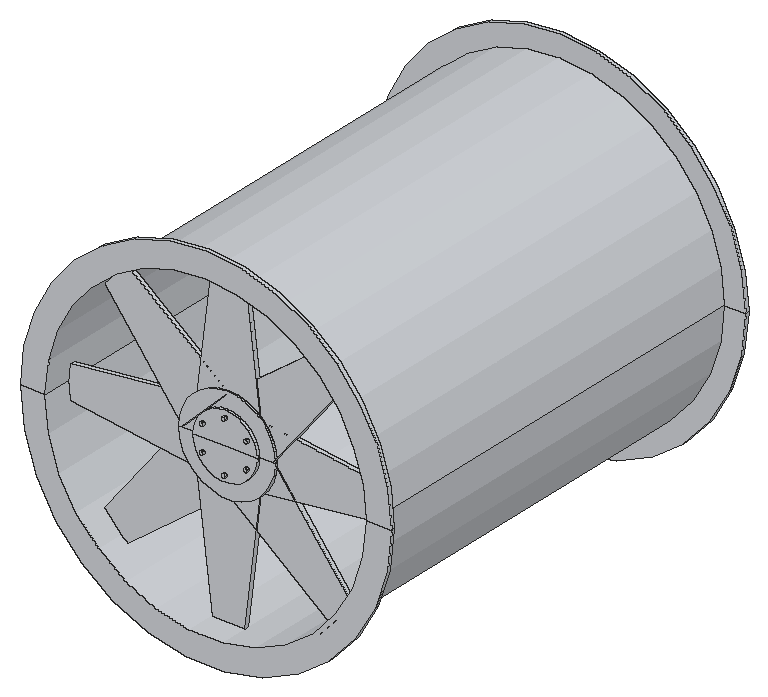
Revit family "CADS_Vent-Axia_MechEquip_Fan_BIFA_450_3Ph4P - EXTRACT", category Mechanical Equipment, Revit 2020
Family settings
  Round Connector Dimension = Use Diameter
  Part Type = Normal
  OmniClass Number = 23.75.00.00
  OmniClass Title = Climate Control (HVAC)
  Work Plane-Based = No
  Always vertical = Yes
  Cut with Voids When Loaded = No
  Shared = No
  Room Calculation Point = No
Parameters (values of type "BIFA453440")
  WorkingPressure = 0.0 Pa
  WarrantyStartDate [instance] = "1900-12-31T23:59:59"
  WarrantyPeriod = ""
  WarrantyIdentifier = "N/A"
  WarrantyGuarantorParts = "tech@vent-axia.com"
  WarrantyGuarantorLabor = "tech@vent-axia.com"
  WarrantyGuarantor = "Vent-Axia Limited"
  WarrantyEndDate [instance] = "1900-12-31T23:59:59"
  WarrantyContent = ""
  TemperatureRange = ""
  TagNumber [instance] = "N/A"
  SustainabilityPerformance = ""
  Status = "New"
  Size = ""
  Shape = ""
  ServiceLifeType = ""
  ServiceLifeDuration = ""
  SerialNumber [instance] = "N/A"
  ReplacementCost = ""
  RatedVoltage = 0 V
  RatedCurrent = 0 A
  Quantity = 1
  ProductionYear = ""
  PressureCurve = ""
  PowerFactor = ""
  PointOfContact = ""
  NumberOfPoles = 0
  NominalWidth = 450 mm
  NominalLength = 625 mm
  NominalHeight = 450 mm
  NominalFrequencyRange = ""
  NominalDiameter = 450 mm
  ModelReference = "BIF 450MM 3PH 4P 40DEG"
  ModelNumber = "BIFA453440"
  Material = ""
  ManufacturerE-Mail = "tech@vent-axia.com"
  ManufacturerAddress = "Fleming Way\nCrawley \nRH10 9YX"
  IsExtendedWarranty = no
  InsulationStandardClass = ""
  InstallationDate [instance] = "1900-12-31T23:59:59"
  IfcExportType [instance] = ""
  IfcExportAs = "IfcFanType"
  IP_Code = ""
  HasProtectiveEarth = no
  GrossWeight = 0.00 kg
  Grade = ""
  GlobalTradeItemNumber [instance] = "N/A"
  Fitting Type = "Ignore"
  Finish = ""
  Features = ""
  ExteriorInsulation = no
  ExpectedServiceLife = 0
  Exclusions = ""
  DurationUnit = "Year"
  Default Elevation = 0 mm
  Constituents = ""
  ConductorFunction = ""
  Color = ""
  CodePerformance = ""
  Category = ""
  CADS_Usage = 0
  CADS_Index = 0
  AssetType = "FIXED"
  AssetIdentifier [instance] = "N/A"
  AssemblyPlace = "UNKNOWN"
  ArticleNumber [instance] = "N/A"
  AirflowRateRange = 0.0 L/s
  Air Flow [instance] = 0.0 L/s
  AccessibilityPerformance = ""
Types (16, lengths in mm): name | ModelReference | ModelNumber
  BIFA453410 | "BIF 450MM 3PH 4P 10DEG" | "BIFA453410"
  BIFA453412 | "BIF 450MM 3PH 4P 12DEG" | "BIFA453412"
  BIFA453414 | "BIF 450MM 3PH 4P 14DEG" | "BIFA453414"
  BIFA453416 | "BIF 450MM 3PH 4P 16DEG" | "BIFA453416"
  BIFA453418 | "BIF 450MM 3PH 4P 18DEG" | "BIFA453418"
  BIFA453420 | "BIF 450MM 3PH 4P 20DEG" | "BIFA453420"
  BIFA453422 | "BIF 450MM 3PH 4P 22DEG" | "BIFA453422"
  BIFA453424 | "BIF 450MM 3PH 4P 24DEG" | "BIFA453424"
  BIFA453426 | "BIF 450MM 3PH 4P 26DEG" | "BIFA453426"
  BIFA453428 | "BIF 450MM 3PH 4P 28DEG" | "BIFA453428"
  BIFA453430 | "BIF 450MM 3PH 4P 30DEG" | "BIFA453430"
  BIFA453432 | "BIF 450MM 3PH 4P 32DEG" | "BIFA453432"
  BIFA453434 | "BIF 450MM 3PH 4P 34DEG" | "BIFA453434"
  BIFA453436 | "BIF 450MM 3PH 4P 36DEG" | "BIFA453436"
  BIFA453438 | "BIF 450MM 3PH 4P 38DEG" | "BIFA453438"
  BIFA453440 | "BIF 450MM 3PH 4P 40DEG" | "BIFA453440"
Reference planes
  plane 1 "Center (Front/Back)": y = 0
  plane 2: z = 0
  plane 3 "Center (Left/Right)": x = 0
  plane 4: x = -225
  plane 5: x = 225
  plane 6 "F": y = -312.5
  plane 7 "B": y = 312.5
  plane 8: x = -260
  plane 9: y = 307.5
  plane 10: y = -307.5
  plane 11: x = -230
  plane 12: y = -272.5
Forms (mm)
  Revolve 1, solid
    sketch origin (0, 0, 0) x (1, 0, 0) y (0, 1, 0)
      loop
        line (-260, -312.5) -> (-225, -312.5) -> (-225, 312.5) -> (-260, 312.5) -> (-260, 307.5) -> (-230, 307.5) -> (-230, -307.5) -> (-260, -307.5) -> (-260, -312.5)
      axis (0, 312.5) -> (0, -312.5)
    angle from 0 to 360
Dimensions and locks
  equal spacing: plane 4, plane 3 "Center (Left/Right)", plane 5
  equal spacing: plane 7 "B", plane 1 "Center (Front/Back)", plane 6 "F"
  "NominalLength": plane 7 "B" to plane 6 "F"
  "NominalDiameter": plane 4 to plane 5
  locked: plane 11 to plane 4 at 5
  locked: plane 8 to plane 11 at 30
  locked: plane 6 "F" to plane 10 at 5
  locked: plane 7 "B" to plane 9 at 5
  locked: plane 6 "F" to plane 12 at 40
  aligned and locked: level to plane 2
  aligned and locked: nested 1 to plane 12
Automatic sketch dimensions
  plane 6 "F" to Revolve 1 sketch curve = 0 mm
  Revolve 1 sketch curve to plane 8 = 0 mm  (x2)
  plane 10 to Revolve 1 sketch curve = 0 mm
  Revolve 1 sketch curve to plane 11 = 0 mm
  Revolve 1 sketch curve to plane 4 = 0 mm
  Revolve 1 sketch curve to plane 3 "Center (Left/Right)" = 0 mm
  plane 1 "Center (Front/Back)" to Revolve 1 sketch curve = 0 mm
  Revolve 1 sketch curve to plane 9 = 0 mm
  Revolve 1 sketch curve to plane 7 "B" = 0 mm
  plane 6 "F" to Revolve 1 sketch curve = 115 mm
Nested families
  nested 1: "Fan for BIFA" at (0, -272.5, 0), ND <- "NominalDiameter", type "Fan for BIFA"
    with hub 45 mm, ND 450 mm, BoltPCD 36 mm, Bolt Count 6, B_Diam 5 mm
  nested 2: "Bolts" at (31.177, -281.672, -18) x (-0.5, 0, -0.866) z (0, 1, 0), type "Bolts"
    with bd 5 mm
  nested 3: "Bolts" at (0, -281.672, -36) x (-1, 0, 0) z (0, 1, 0), type "Bolts"
    with bd 5 mm
  nested 4: "Bolts" at (-31.177, -281.672, -18) x (-0.5, 0, 0.866) z (0, 1, 0), type "Bolts"
    with bd 5 mm
  nested 5: "Bolts" at (-31.177, -281.672, 18) x (0.5, 0, 0.866) z (0, 1, 0), type "Bolts"
    with bd 5 mm
  nested 6: "Bolts" at (31.177, -281.672, 18) x (0.5, 0, -0.866) z (0, 1, 0), type "Bolts"
    with bd 5 mm
  nested 7: "Bolts" at (0, -281.672, 36) x (1, 0, 0) z (0, 1, 0), type "Bolts"
    with bd 5 mm
  nested 8: "BIFA Blade" at (0, -272.5, 0), type "BIFA Blade"
    with a 20.00°, HR 45 mm, HD 90 mm, BT 45 mm, BR 180 mm, BH 40 mm, BD 450 mm, BB 90 mm
  nested 9: "BIFA Blade" at (0, -272.5, 0) x (0.7071, 0, -0.7071) z (0.7071, 0, 0.7071), type "BIFA Blade"
    with a 20.00°, HR 45 mm, HD 90 mm, BT 45 mm, BR 180 mm, BH 40 mm, BD 450 mm, BB 90 mm
  nested 10: "BIFA Blade" at (0, -272.5, 0) x (0, 0, -1) z (1, 0, 0), type "BIFA Blade"
    with a 20.00°, HR 45 mm, HD 90 mm, BT 45 mm, BR 180 mm, BH 40 mm, BD 450 mm, BB 90 mm
  nested 11: "BIFA Blade" at (0, -272.5, 0) x (-0.7071, 0, -0.7071) z (0.7071, 0, -0.7071), type "BIFA Blade"
    with a 20.00°, HR 45 mm, HD 90 mm, BT 45 mm, BR 180 mm, BH 40 mm, BD 450 mm, BB 90 mm
  nested 12: "BIFA Blade" at (0, -272.5, 0) x (-1, 0, 0) z (0, 0, -1), type "BIFA Blade"
    with a 20.00°, HR 45 mm, HD 90 mm, BT 45 mm, BR 180 mm, BH 40 mm, BD 450 mm, BB 90 mm
  nested 13: "BIFA Blade" at (0, -272.5, 0) x (-0.7071, 0, -0.7071) z (-0.7071, 0, 0.7071), type "BIFA Blade"
    with a 20.00°, HR 45 mm, HD 90 mm, BT 45 mm, BR 180 mm, BH 40 mm, BD 450 mm, BB 90 mm
  nested 14: "BIFA Blade" at (0, -272.5, 0) x (0, 0, -1) z (-1, 0, 0), type "BIFA Blade"
    with a 20.00°, HR 45 mm, HD 90 mm, BT 45 mm, BR 180 mm, BH 40 mm, BD 450 mm, BB 90 mm
  nested 15: "BIFA Blade" at (0, -272.5, 0) x (0.7071, 0, -0.7071) z (-0.7071, 0, -0.7071), type "BIFA Blade"
    with a 20.00°, HR 45 mm, HD 90 mm, BT 45 mm, BR 180 mm, BH 40 mm, BD 450 mm, BB 90 mm
Connectors
  hvac at (0, -312.5, 0), driven by "NominalDiameter", driven by "Air Flow"
    settings: on Revolve 1, index 1, duct flow 0.0 L/s, flow factor 0, pres drop 0.0 Pa, loss coef 0, conn angle 0.00°, conn width 304.8 mm, conn height 304.8 mm, conn diameter 450 mm, duct sys type 2, conn prof type 0, flow config 0, flow direction 1, loss method 0, conn ref index -1, conn util no, is conn primary yes, conn desc ""
  hvac at (0, 312.5, 0), driven by "NominalDiameter", driven by "Air Flow"
    settings: on Revolve 1, index 2, duct flow 0.0 L/s, flow factor 0, pres drop 0.0 Pa, loss coef 0, conn angle 0.00°, conn width 304.8 mm, conn height 304.8 mm, conn diameter 450 mm, duct sys type 3, conn prof type 0, flow config 1, flow direction 2, loss method 0, conn ref index -1, conn util no, is conn primary no, conn desc ""
Definition of nested family "Fan for BIFA"
  Parameters (values of type "Fan for BIFA")
    hub [instance] = ND / 10  # 50 mm
    ND [instance] = 500 mm
    Model = "."
    Default Elevation = 0 mm
    BoltPCD [instance] = hub - (hub * 0.2)  # 40 mm
    Bolt Count [instance] = if(hub < 50 mm, 6, 8)  # 8
    B_Diam [instance] = if(hub < 50 mm, 5 mm, 10 mm)  # 10 mm
  Reference planes
    plane 1 "Center (Front/Back)": y = 0
    plane 2: z = 0
    plane 3 "Center (Left/Right)": x = 0
    plane 4 "back": y = 20
    plane 5 "bolts": y = -9.172
    plane 6 "B": z = 50
    plane 7: x = -72.587
    plane 8: x = -50
    plane 9 "hubface": y = -6.172
  Forms (mm)
    Revolve 1, solid
      sketch origin (0, 0, 0) x (1, 0, 0) y (0, 1, 0)
        loop
          line (0, 20) -> (-50, 20) -> (-50, 10.504) -> (-72.587, 10.504) -> (-72.587, -2.597) -> (-50, -2.597) -> (-50, -6.172) -> (0, -6.172) -> (0, 20)
        axis (0, 20) -> (0, -6.172)
      angle from 0 to 360
    Extrusion 2, solid, not visible
      sketch origin (0, -6.347, -4) x (-1, 0, 0) y (0, 0, 1)
        loop
          circle (0, 84) r 5
      from 0 to 3
  Lines and regions (mm)
    symbolic lines
      curve 1: circle (0, -9.172, 0) r 40 normal (0, 1, 0)
    model lines, not visible
      curve 2: line (0, -6.347, 85) -> (0, -6.347, 75)
  Dimensions and locks
    "hub": plane 6 "B" to plane 2
    "hub": nested 3 to plane 3 "Center (Left/Right)"
    "hub": nested 4 to plane 3 "Center (Left/Right)"
    "hub": nested 5 to plane 3 "Center (Left/Right)"
    "hub": plane 3 "Center (Left/Right)" to nested 6
    "hub": Revolve 1 sketch curve to Revolve 1 sketch curve
    "hub": plane 3 "Center (Left/Right)" to nested 7
    "hub": plane 3 "Center (Left/Right)" to nested 8
    "hub": plane 3 "Center (Left/Right)" to nested 9
    "hub": plane 8 to plane 3 "Center (Left/Right)"
    plane 7 to plane 8 = 22.587 mm
    diameter of Extrusion 2 sketch curve = 10 mm
    "BoltPCD": radius of curve 1
    "BoltPCD": radius of radial array
    aligned and locked: level to plane 2
    aligned and locked: plane 6 "B" to nested 1
  Automatic sketch dimensions
    Revolve 1 sketch curve to plane 7 = 0 mm
    Revolve 1 sketch curve to plane 8 = 0 mm  (x2)
    Revolve 1 sketch curve to plane 3 "Center (Left/Right)" = 0 mm
    Revolve 1 sketch curve to plane 9 "hubface" = 0 mm
    plane 4 "back" to Revolve 1 sketch curve = 0 mm
    plane 1 "Center (Front/Back)" to Revolve 1 sketch curve = 2.597 mm
    plane 4 "back" to Revolve 1 sketch curve = 9.496 mm
    plane 4 "back" to Revolve 1 sketch curve = 5 mm
    Revolve 1 sketch curve to Revolve 1 sketch curve = 45 mm
    curve 1 to level = 0 mm
    curve 1 to plane 3 "Center (Left/Right)" = 0 mm
  Nested families
    nested 1: "BIFA Blade" at (0, 0, 25), BD <- "ND", HD <- "hub", type "BIFA Blade"
      with a 20.00°, HR 25 mm, HD 50 mm, BT 25 mm, BR 100 mm, BH 40 mm, BD 250 mm, BB 50 mm
    nested 2: "BIFA Blade" at (0, 0, 55), BD <- "ND", HD <- "hub", type "BIFA Blade", not visible
      with a 20.00°, HR 25 mm, HD 50 mm, BT 25 mm, BR 100 mm, BH 40 mm, BD 250 mm, BB 50 mm
    nested 3: "BIFA Blade" at (17.678, 0, 17.678) x (0.7071, 0, -0.7071) z (0.7071, 0, 0.7071), BD <- "ND", HD <- "hub", type "BIFA Blade"
      with a 20.00°, HR 25 mm, HD 50 mm, BT 25 mm, BR 100 mm, BH 40 mm, BD 250 mm, BB 50 mm
    nested 4: "BIFA Blade" at (25, 0, 0) x (0, 0, -1) z (1, 0, 0), BD <- "ND", HD <- "hub", type "BIFA Blade"
      with a 20.00°, HR 25 mm, HD 50 mm, BT 25 mm, BR 100 mm, BH 40 mm, BD 250 mm, BB 50 mm
    nested 5: "BIFA Blade" at (17.678, 0, -17.678) x (-0.7071, 0, -0.7071) z (0.7071, 0, -0.7071), BD <- "ND", HD <- "hub", type "BIFA Blade"
      with a 20.00°, HR 25 mm, HD 50 mm, BT 25 mm, BR 100 mm, BH 40 mm, BD 250 mm, BB 50 mm
    nested 6: "BIFA Blade" at (0, 0, -25) x (-1, 0, 0) z (0, 0, -1), BD <- "ND", HD <- "hub", type "BIFA Blade"
      with a 20.00°, HR 25 mm, HD 50 mm, BT 25 mm, BR 100 mm, BH 40 mm, BD 250 mm, BB 50 mm
    nested 7: "BIFA Blade" at (-17.678, 0, 17.678) x (-0.7071, 0, -0.7071) z (-0.7071, 0, 0.7071), BD <- "ND", HD <- "hub", type "BIFA Blade"
      with a 20.00°, HR 25 mm, HD 50 mm, BT 25 mm, BR 100 mm, BH 40 mm, BD 250 mm, BB 50 mm
    nested 8: "BIFA Blade" at (-25, 0, 0) x (0, 0, -1) z (-1, 0, 0), BD <- "ND", HD <- "hub", type "BIFA Blade"
      with a 20.00°, HR 25 mm, HD 50 mm, BT 25 mm, BR 100 mm, BH 40 mm, BD 250 mm, BB 50 mm
    nested 9: "BIFA Blade" at (-17.678, 0, -17.678) x (0.7071, 0, -0.7071) z (-0.7071, 0, -0.7071), BD <- "ND", HD <- "hub", type "BIFA Blade"
      with a 20.00°, HR 25 mm, HD 50 mm, BT 25 mm, BR 100 mm, BH 40 mm, BD 250 mm, BB 50 mm
    nested 10: "Bolts" at (0, -9.172, 40) x (1, 0, 0) z (0, 1, 0), bd <- "B_Diam", type "Bolts"
      with bd 10 mm
    nested 11: "Bolts" at (28.284, -9.172, 28.284) x (0.7071, 0, -0.7071) z (0, 1, 0), bd <- "B_Diam", type "Bolts"
      with bd 10 mm
    nested 12: "Bolts" at (-28.284, -9.172, 28.284) x (0.7071, 0, 0.7071) z (0, 1, 0), bd <- "B_Diam", type "Bolts"
      with bd 10 mm
    nested 13: "Bolts" at (-40, -9.172, 0) x (0, 0, 1) z (0, 1, 0), bd <- "B_Diam", type "Bolts"
      with bd 10 mm
    nested 14: "Bolts" at (-28.284, -9.172, -28.284) x (-0.7071, 0, 0.7071) z (0, 1, 0), bd <- "B_Diam", type "Bolts"
      with bd 10 mm
    nested 15: "Bolts" at (0, -9.172, -40) x (-1, 0, 0) z (0, 1, 0), bd <- "B_Diam", type "Bolts"
      with bd 10 mm
    nested 16: "Bolts" at (28.284, -9.172, -28.284) x (-0.7071, 0, -0.7071) z (0, 1, 0), bd <- "B_Diam", type "Bolts"
      with bd 10 mm
    nested 17: "Bolts" at (40, -9.172, 0) x (0, 0, -1) z (0, 1, 0), bd <- "B_Diam", type "Bolts"
      with bd 10 mm
  Definition of nested family "BIFA Blade"
    Parameters (values of type "BIFA Blade")
      a [instance] = 20.00°
      HR [instance] = HD / 2  # 30 mm
      HD [instance] = BD / 5  # 60 mm
      Default Elevation = 1219.2 mm
      BT [instance] = BD / 10  # 30 mm
      BR [instance] = (BD / 2) - HR  # 120 mm
      BH [instance] = 40 mm
      BD [instance] = 300 mm
      BB [instance] = BD / 5  # 60 mm
    Reference planes
      plane 1 "Center (Front/Back)": y = 0
      plane 2: z = 0
      plane 3 "Center (Left/Right)": x = 0
      plane 4 "Blade Bot": z = 30
      plane 5: x = -30
      plane 6: x = 30
      plane 7: x = -15
      plane 8: x = 15
    Forms (mm)
      Blend 1, solid
        base sketch origin (0, 0, 30) x (-1, 0, 0) y (0, -1, 0)
          loop
            line (30, 0) -> (-30, 0) -> (-30, -6) -> (30, -6) -> (30, 0)
        top sketch origin (0, 0, 30) x (-1, 0, 0) y (0, -1, 0)
          loop
            line (15, -6) -> (15, 0) -> (-15, 0) -> (-15, -6) -> (15, -6)
        from 0 to 120 <- "BR"
    Dimensions and locks
      "HR": plane 4 "Blade Bot" to level
      equal spacing: plane 8, plane 3 "Center (Left/Right)", plane 7
      "BT": plane 8 to plane 7
      equal spacing: plane 6, plane 3 "Center (Left/Right)", plane 5
      "BB": plane 6 to plane 5
      aligned and locked: level to plane 2
    Automatic sketch dimensions
      plane 1 "Center (Front/Back)" to Blend 1 sketch curve = 0 mm  (x2)
      Blend 1 sketch curve to plane 6 = 0 mm
      Blend 1 sketch curve to plane 5 = 0 mm
      Blend 1 sketch curve to plane 1 "Center (Front/Back)" = 6 mm  (x2)
      Blend 1 sketch curve to plane 8 = 0 mm
      Blend 1 sketch curve to plane 7 = 0 mm
  Definition of nested family "Bolts"
    Parameters
      bd [instance] = 10 mm
      Default Elevation = 1219.2 mm
    Reference planes
      plane 1 "Center (Front/Back)": y = 0
      plane 2: z = 0
      plane 3 "Center (Left/Right)": x = 0
    Forms (mm)
      Extrusion 1, solid
        sketch origin (0, 0, 0) x (1, 0, 0) y (0, 1, 0)
          loop
            line (-1219.2, 1219.2) -> (-1219.2, -1219.2) -> (1219.2, -1219.2) -> (1219.2, 1219.2) -> (-1219.2, 1219.2)
        from 0 to -304.8
      Extrusion 2, solid
        sketch origin (0, 0, 0) x (1, 0, 0) y (0, 1, 0)
          loop
            circle (0, 0) r 5
        from 0 to 3
    Dimensions and locks
      "bd": diameter of Extrusion 2 sketch curve
      aligned and locked: plane 2 to Extrusion 1
      aligned and locked: level to Extrusion 1
    Automatic sketch dimensions
      Extrusion 1 sketch curve to Extrusion 1 sketch curve = 2438.4 mm  (x2)
      plane 1 "Center (Front/Back)" to Extrusion 2 sketch curve = 0 mm
      Extrusion 2 sketch curve to plane 3 "Center (Left/Right)" = 0 mm
Definition of nested family "Bolts"
  Parameters
    bd [instance] = 10 mm
    Default Elevation = 1219.2 mm
  Reference planes
    plane 1 "Center (Front/Back)": y = 0
    plane 2: z = 0
    plane 3 "Center (Left/Right)": x = 0
  Forms (mm)
    Extrusion 1, solid
      sketch origin (0, 0, 0) x (1, 0, 0) y (0, 1, 0)
        loop
          line (-1219.2, 1219.2) -> (-1219.2, -1219.2) -> (1219.2, -1219.2) -> (1219.2, 1219.2) -> (-1219.2, 1219.2)
      from 0 to -304.8
    Extrusion 2, solid
      sketch origin (0, 0, 0) x (1, 0, 0) y (0, 1, 0)
        loop
          circle (0, 0) r 5
      from 0 to 3
  Dimensions and locks
    "bd": diameter of Extrusion 2 sketch curve
    aligned and locked: plane 2 to Extrusion 1
    aligned and locked: level to Extrusion 1
  Automatic sketch dimensions
    Extrusion 1 sketch curve to Extrusion 1 sketch curve = 2438.4 mm  (x2)
    plane 1 "Center (Front/Back)" to Extrusion 2 sketch curve = 0 mm
    Extrusion 2 sketch curve to plane 3 "Center (Left/Right)" = 0 mm
Definition of nested family "BIFA Blade"
  Parameters (values of type "BIFA Blade")
    a [instance] = 20.00°
    HR [instance] = HD / 2  # 30 mm
    HD [instance] = BD / 5  # 60 mm
    Default Elevation = 1219.2 mm
    BT [instance] = BD / 10  # 30 mm
    BR [instance] = (BD / 2) - HR  # 120 mm
    BH [instance] = 40 mm
    BD [instance] = 300 mm
    BB [instance] = BD / 5  # 60 mm
  Reference planes
    plane 1 "Center (Front/Back)": y = 0
    plane 2: z = 0
    plane 3 "Center (Left/Right)": x = 0
    plane 4 "Blade Bot": z = 30
    plane 5: x = -30
    plane 6: x = 30
    plane 7: x = -15
    plane 8: x = 15
  Forms (mm)
    Blend 1, solid
      base sketch origin (0, 0, 30) x (-1, 0, 0) y (0, -1, 0)
        loop
          line (30, 0) -> (-30, 0) -> (-30, -6) -> (30, -6) -> (30, 0)
      top sketch origin (0, 0, 30) x (-1, 0, 0) y (0, -1, 0)
        loop
          line (15, -6) -> (15, 0) -> (-15, 0) -> (-15, -6) -> (15, -6)
      from 0 to 120 <- "BR"
  Dimensions and locks
    "HR": plane 4 "Blade Bot" to level
    equal spacing: plane 8, plane 3 "Center (Left/Right)", plane 7
    "BT": plane 8 to plane 7
    equal spacing: plane 6, plane 3 "Center (Left/Right)", plane 5
    "BB": plane 6 to plane 5
    aligned and locked: level to plane 2
  Automatic sketch dimensions
    plane 1 "Center (Front/Back)" to Blend 1 sketch curve = 0 mm  (x2)
    Blend 1 sketch curve to plane 6 = 0 mm
    Blend 1 sketch curve to plane 5 = 0 mm
    Blend 1 sketch curve to plane 1 "Center (Front/Back)" = 6 mm  (x2)
    Blend 1 sketch curve to plane 8 = 0 mm
    Blend 1 sketch curve to plane 7 = 0 mm
